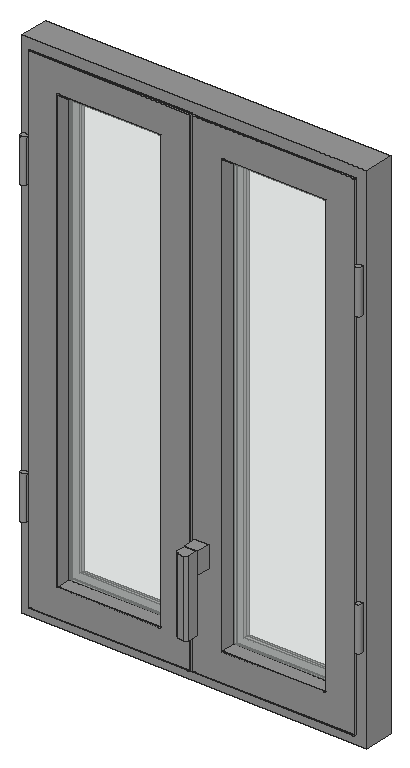
Revit family "2015_Ventana_Alueuropa_Q77_2-Hojas_Practicable-Oscilobatiente", category Windows, host Wall, Revit 2015
Parameters (values of type "800x1200 mm Oscilobatientes")
  𝑙𝑔 P2 = 2092
  𝑙𝑔 P1 = 3910
  𝑈𝑤 = a / Area * 1.00 mm²  # 2.6098
  𝑈𝑔 V2 = 1  # constant formula
  𝑈𝑔 V1 = 1  # constant formula
  𝑈𝑓 P2 = 3.039  # constant formula
  𝑈𝑓 P1 = 2.42  # constant formula
  𝐴𝑔 V2 = 475407
  𝐴𝑔 V1 = 475407
  𝐴𝑓 P2 = 143302
  𝐴𝑓 P1 = 345884
  a = (((1000000 * (((𝐴𝑓 P1 * 𝑈𝑓 P1) + (𝐴𝑓 P2 * 𝑈𝑓 P2)) / (𝐴𝑓 P1 + 𝐴𝑓 P2))) * (10 * (𝐴𝑓 P1 + 𝐴𝑓 P2))) / 10000000) + ((𝐴𝑔 V1 + 𝐴𝑔 V2) * (1 * ((𝐴𝑔 V1 * 𝑈𝑔 V1) + (𝐴𝑔 V2 * 𝑈𝑔 V2)) / (𝐴𝑔 V1 + 𝐴𝑔 V2))) + (((1000.00 mm² * (𝑙𝑔 P1 + 𝑙𝑔 P2)) * ((Y𝑔 P1 * 𝑙𝑔 P1) + (Y𝑔 P2 * 𝑙𝑔 P2)) / (𝑙𝑔 P1 + 𝑙𝑔 P2)) / 10.00 mm²)  # 2505442.058
  Y𝑔 P2 = 0.47  # constant formula
  Y𝑔 P1 = 0.47  # constant formula
  VidaUtilEsperada = ""
  VersionElementoBIM = "1.0"  # constant formula
  UnidadMedicion = ""
  UnidadMantenimiento = ""
  Unidad = ""
  Uniclass2.0Titulo = "Door and window systems"  # constant formula
  Uniclass2.0Codigo = "25-30"  # constant formula
  URLProducto = "http://www.alueuropa.com/wp-content/uploads/2013/06/PERFILES-con-menos-foto-pies-de-pagina-en-franc%C3%A9s-10-3.pdf"
  URL Poliamida - Catálogo = "http://www.technoform.com/fileadmin/Technoform_Bautec/standardprofiles.html"
  URL Poliamida = "http://www.technoform.es/"
  URL = "http://www.alueuropa.com/"
  UNSPSCTitulo = "Windows"  # constant formula
  UNSPSCCodigo = "30171600"  # constant formula
  TransmitanciaTermica = 0.0000 W/(m²·K)
  TrabajoMantenimiento = ""
  TipoEmbalajeProteccion = ""
  TiempoMedioEntreFallos = ""
  TelefonoContacto = "+34 91 8955800"  # constant formula
  SalidaEmergencia = no
  ResistenciaFuego = ""
  ResistenciaAlViento = ""
  ResiduosPeligrososPorUnidad = 0
  ResiduosPeligrosos = 0
  ResiduosNoPeligrososPorUnidad = 0
  ResiduosNoPeligrosos = 0
  ResiduoRadioactivoPorUnidad = 0
  ResiduoRadioactivo = 0
  ResiduoInertePorUnidad = 0
  ResiduoInerte = 0
  RepisaInterior = yes
  RepisaExterior = yes
  ReferenciaUnidadFuncional = ""
  ReferenciaLote = ""
  ReferenciaContacto = "Alueuropa S.A."  # constant formula
  Referencia = ""
  PuntoDeContacto = ""
  Proyección Apertura = yes
  Practicable = yes
  Poliamida = Poliamida, Technoform Bautec, PA66 GF 25
  PermeabilidadAlAire = ""
  PeriodoGarantia = ""
  Perimetro = (Width / 1.00 mm * 2) + (Height / 1.00 mm * 2)  # 4000
  Oscilobatiente = yes
  Operation = "Oscilobatiente"
  OmniclassTitulo = "Casment Window"  # constant formula
  OmniclassCodigo = "23.30.20.17.21.21"  # constant formula
  NumeroSerie = ""
  NumeroArticuloGlobalComercial = ""
  NumeroArticulo = ""
  NormativaMantenimiento = ""
  NivelSeguridad = ""
  Motorizada = no
  Model = "Q77 2 Hojas Oscilobatiente"
  MaterialEnvase = ""
  MaterialContenedor = ""
  MateriaPrima = 0
  MasterformatTitulo = "Aluminium Windows"  # constant formula
  MasterformatCodigo = "08 51 13"  # constant formula
  MasaSuperficialKgm2 = 0
  Marco = Aluminio
  Manija = yes
  LugarEnsamblaje = ""
  InstruccionesEspeciales = ""
  InformacionTecnica = "http://www.alueuropa.com/products/"
  IndiceGlobalRedAcusticaTr = ""
  IndiceGlobalRedAcustica = ""
  IdentificadorGarantia = ""
  IFCClasificacion = ""
  GrosorMarco = 77.00 mm  # constant formula
  GarantiaExtendida = ""
  FrecuenciaMantenimiento = ""
  FraccionAreaAcristalamiento = (𝐴𝑔 V1 + 𝐴𝑔 V2) / (Area / 1.00 mm²)  # 99.0431%
  FormacionFotoquimicaOzonoPorUnidad = 0
  FormacionFotoquimicaOzono = 0
  FechaVencimientoElementoBIM = "24/08/2017"  # constant formula
  FechaInstalacion = ""
  FechaInicioGarantia = ""
  FechaFinGarantia = ""
  FechaEvaluacion = ""
  FechaEmisionElementoBIM = "24/08/2016"  # constant formula
  FechaCompra = ""
  FaseCicloVida = ""
  FaltaDeRecursosPorUnidad = 0
  FaltaDeRecursos = 0
  FactorSombra = 0
  FactorSolarModificado = 3000000
  Manufacturer = "Alueuropa S.A."  # constant formula
  Exclusiones = ""
  EutrofizacionPorUnidad = 0
  Eutrofizacion = 0
  EtiquetaModelo = ""
  EstanqueidadAgua = ""
  Estado = ""
  EnergiaRenovableConsumidaPorUnidad = 0
  EnergiaRenovableConsumida = 0
  EnergiaPrimariaTotalConsumidaPorUnidad = 0
  EnergiaPrimariaTotalConsumida = 0
  EnergiaNoRenovableConsumidaPorUnidad = 0
  EnergiaNoRenovableConsumida = 0
  EmisionCO2 = 0
  EmailContacto = "ventas@alueuropa.com"  # constant formula
  DuracionVidaUtil = ""
  Detalle Perfileria = yes
  DestruccionCapaOzonoEstratosfericaPorUnidad = 0
  DestruccionCapaOzonoEstratosferica = 0
  DesfaseInterior [instance] = 0.00 mm
  DesfaseExterior [instance] = 0.00 mm
  Desfase Acristalamiento = 13.00 mm  # constant formula
  Description = "Ventana 2 Hojas Oscilobatiente"
  DescripcionEvaluacion = ""
  CosteMantenimiento = 0
  CosteEnergeticoMj = 0 J
  CosteEnergeticoKwh = 0
  ControlHumos = no
  ContenidoGarantia = ""
  ConfiguracionPoliamidas = "273800 - 493700 - 493800"  # constant formula
  CondicionesMantenimiento = ""
  CondicionesGeneralesDeContratacion = ""
  CondicionesEvaluacion = ""
  Type Comments = "Sistema de Ventana con Rotura de Puente Térmico Q77 Oscilobatiente."
  CodigoBedec = ""
  CodigoBarras = ""
  CertificadoMantenimiento = ""
  CerramientoExterior = yes
  CambioClimaticoPorUnidad = 0
  CambioClimatico = 0
  COBieCategoria = ""
  Rough Width = Altura Real + 5.00 mm  # 1205.00 mm
  Aperturas Oscilobatiente [instance] = if(and(Aperturas, Oscilobatiente), 1 = 1, 1 = 0)  # yes
  Aperturas [instance] = yes
  Anchura Real = if(Width > Anchura Máxima, Anchura Máxima, Width)  # 800.00 mm
  Anchura Máxima = 5000.00 mm  # constant formula
  Rough Height = Anchura Real + 5.00 mm  # 805.00 mm
  Altura Real = if(Height > Altura Máxima, Altura Máxima, Height)  # 1200.00 mm
  Altura Máxima = 5000.00 mm  # constant formula
  GrosorAcristalamiento = 30.00 mm  # constant formula
  Height = 1200.00 mm
  Bimetica = "http://www.bimetica.com"
  AñoProduccion = ""
  Autor = "Bimetica Parametric Design Services, S.L."  # constant formula
  Area = (Width * Height)  # 960000.00 mm²
  Altura de antepecho por defecto = 800.00 mm
  Wall Closure = By host
  Width = 800.00 mm
  AguaConsumidaPorUnidad = 0
  AguaConsumida = 0
  Acristalamiento = Cristal - Vidrio claro templado
  AcidificacionAtmosfericaPorUnidad = 0
  AcidificacionAtmosferica = 0
  Acabado = ""
Types (3, lengths in mm): name | Oscilobatiente | Operation | Aperturas Oscilobatiente
  (no name) | yes | "Oscilobatiente" | yes
  800x1200 mm Oscilobatientes | yes | "Oscilobatiente" | yes
  800x1200 mm Practicables | no | "Practicable" | no
Reference planes
  plane 1 "Centro (Frontal/Posterior)": y = 444.549
  plane 2 "Centro (Izquierda/Derecha)": x = 0
  plane 3 "Izquierda": x = -400
  plane 4 "Derecha": x = 400
  plane 5 "Antepecho": z = 800
  plane 6 "Extremo inicial": z = 2000
  plane 7 "Exterior": y = 521.549
  plane 8 "Interior": y = 521.549
  plane 9 "Media Altura": z = 1400
  plane 10: x = -68.5
  plane 11: x = 68.5
  plane 12: x = -18.385
Forms (mm)
  Sweep 1, solid, material "Aluminio" <- "Marco"
    path origin (0, 521.549, 0) x (1, 0, 0) y (0, 0, 1)
      loop
        line (400, 800) -> (400, 2000) -> (-400, 2000) -> (-400, 800) -> (400, 800)
    profile origin (400, 521.549, 1400) x (-1, 0, 0) y (0, -1, 0)
      loop
        line (0, 0) -> (49.297, 0) -> (49.297, 3.5) -> (27.4, 3.5) -> (27.4, 70) -> (0, 70) -> (0, 0)
  Extrusion 2, solid, material "Cristal - Vidrio claro templado" <- "Acristalamiento"
    sketch origin (0, 521.549, 0) x (1, 0, 0) y (0, 0, 1)
      loop
        line (-53.5, 1929) -> (-329, 1929) -> (-329, 871) -> (-53.5, 871) -> (-53.5, 1929)
      loop
        line (53.5, 1929) -> (53.5, 871) -> (329, 871) -> (329, 1929) -> (53.5, 1929)
    from 43 to 13
  Extrusion 3, solid, material "Aluminio" <- "Marco", visible <- "Manija", detail levels medium+fine
    sketch origin (0, 0, 800) x (0, -1, 0) y (1, 0, 0)
      loop
        arc (-449.674, -391.378) -> (-437.519, -391.544) -> (-443.549, -380.989) r 7
        line (-443.549, -380.989) -> (-451.549, -380.989) -> (-451.549, -387.989) -> (-449.674, -391.378)
      loop
        line (-449.674, 391.378) -> (-451.549, 387.989) -> (-451.549, 380.989) -> (-443.549, 380.989)
        arc (-443.549, 380.989) -> (-437.519, 391.544) -> (-449.674, 391.378) r 7
    from 200 to 300
  Extrusion 4, solid, material "Aluminio" <- "Marco", detail levels medium+fine
    sketch origin (0, 0, 2000) x (0, -1, 0) y (-1, 0, 0)
      loop
        line (-449.674, 391.378) -> (-451.549, 387.989) -> (-451.549, 380.989) -> (-443.549, 380.989)
        arc (-443.549, 380.989) -> (-437.519, 391.544) -> (-449.674, 391.378) r 7
      loop
        arc (-449.674, -391.378) -> (-437.519, -391.544) -> (-443.549, -380.989) r 7
        line (-443.549, -380.989) -> (-451.549, -380.989) -> (-451.549, -387.989) -> (-449.674, -391.378)
    from 200 to 300
  Extrusion 5, solid, material "Aluminio" <- "Marco", visible <- "Manija", detail levels fine
    sketch origin (0, 0, 800) x (0, -1, 0) y (1, 0, 0)
      loop
        line (-444.549, 8.9) -> (-412.449, 10.582) -> (-412.449, 11.9) -> (-411.446, 11.9) -> (-411.446, 37.832) -> (-412.449, 37.832) -> (-412.449, 39.15) -> (-444.549, 40.9) -> (-444.549, 8.9)
    from 250 to 300
  Extrusion 6, solid, material "Aluminio" <- "Marco", visible <- "Manija", detail levels fine
    sketch origin (0, 0, 800) x (0, -1, 0) y (1, 0, 0)
      loop
        line (-411.446, 39.165) -> (-411.446, 10.705) -> (-388.796, 10.705) -> (-382.327, 17.173) -> (-382.327, 32.697) -> (-388.796, 39.165) -> (-411.446, 39.165)
    from 125 to 300
  Extrusion 7, solid, material "Aluminio" <- "Marco"
    sketch origin (0, 0, 800) x (0, -1, 0) y (1, 0, 0)
      loop
        line (-521.549, -30.915) -> (-516.719, -30.915) -> (-516.719, -13.299) -> (-476.479, -13.299) -> (-476.479, -20.442) -> (-469.305, -20.442) -> (-448.049, -20.442) -> (-448.049, -2.96) -> (-451.549, -2.96) -> (-451.549, 20.5) -> (-473.506, 20.5) -> (-473.506, 28.864) -> (-515.092, 28.864) -> (-515.092, 27.098) -> (-516.719, 27.098) -> (-516.719, 30.92) -> (-521.549, 30.92) -> (-521.549, -30.915)
    from 1150.703 to 49.297
  Sweep 8, solid, material "Aluminio" <- "Marco"
    path origin (0, 521.549, 0) x (1, 0, 0) y (0, 0, 1)
      loop
        line (-400, 800) -> (18.385, 800) -> (18.385, 2000) -> (-400, 2000) -> (-400, 800)
    profile origin (-400, 521.549, 1400) x (-1, 0, 0) y (0, -1, 0)
      loop
        line (-54.245, 0) -> (-54.245, 5.8) -> (-50.528, 5.8) -> (-49.417, 4.8) -> (-45.424, 4.8) -> (-45.424, 6.346) -> (-47.145, 6.346) -> (-47.145, 48.1) -> (-38.845, 48.1) -> (-38.845, 73.5) -> (-21.345, 73.5) -> (-21.345, 76)
        arc (-21.345, 76) -> (-21.637, 76.706) -> (-22.343, 77) r 1
        line (-22.343, 77) -> (-88.545, 77)
        arc (-88.545, 77) -> (-88.898, 76.853) -> (-89.045, 76.5) r 0.5
        line (-89.045, 76.5) -> (-89.045, 43.5)
        arc (-89.045, 43.5) -> (-88.898, 43.147) -> (-88.582, 43) r 0.5
        line (-88.582, 43) -> (-86.548, 43) -> (-86.548, 60.6) -> (-67.124, 60.6) -> (-67.124, 55.89) -> (-62.045, 55.89) -> (-62.045, 8.218) -> (-73.866, 8.218) -> (-73.866, 13) -> (-89.045, 13) -> (-89.045, 6) -> (-88.731, 0) -> (-54.245, 0)
  Sweep 9, solid, material "Aluminio" <- "Marco"
    path origin (0, 521.549, 0) x (1, 0, 0) y (0, 0, 1)
      loop
        line (400, 800) -> (400, 2000) -> (-18.385, 2000) -> (-18.385, 800) -> (400, 800)
    profile origin (400, 521.549, 1400) x (-1, 0, 0) y (0, -1, 0)
      loop
        line (54.372, 0) -> (88.858, 0) -> (89.172, 6) -> (89.172, 13) -> (73.993, 13) -> (73.993, 8.218) -> (62.172, 8.218) -> (62.172, 55.89) -> (67.251, 55.89) -> (67.251, 60.6) -> (86.675, 60.6) -> (86.675, 43) -> (88.709, 43)
        arc (88.709, 43) -> (89.025, 43.147) -> (89.172, 43.5) r 0.5
        line (89.172, 43.5) -> (89.172, 76.5)
        arc (89.172, 76.5) -> (89.025, 76.853) -> (88.672, 77) r 0.5
        line (88.672, 77) -> (22.47, 77)
        arc (22.47, 77) -> (21.764, 76.706) -> (21.472, 76) r 1
        line (21.472, 76) -> (21.472, 73.5) -> (38.972, 73.5) -> (38.972, 48.1) -> (47.272, 48.1) -> (47.272, 6.346) -> (45.551, 6.346) -> (45.551, 4.8) -> (49.544, 4.8) -> (50.655, 5.8) -> (54.372, 5.8) -> (54.372, 0)
Cuts and joins
  joined: Sweep 1, Extrusion 7
Lines and regions (mm)
  Opening 1
    outline origin (-5187.24, 321.549, 0) x (1, 0, 0) y (0, 0, 1)
      loop
        line (5587.24, 800) -> (5587.24, 2000) -> (4787.24, 2000) -> (4787.24, 800) -> (5587.24, 800)
  reference lines
    curve 1: line (0, 521.549, 800) -> (0, 444.549, 800)
  symbolic lines, style "Batiente de alzado", visible <- "Aperturas"
    curve 2: line (-350, 521.549, 1950) -> (350, 521.549, 850)
    curve 3: line (350, 521.549, 1950) -> (-350, 521.549, 850)
  symbolic lines, style "Batiente de alzado", visible <- "Aperturas Oscilobatiente"
    curve 4: line (-30.915, 521.549, 850) -> (-209.193, 521.549, 1950)
    curve 5: line (-209.193, 521.549, 1950) -> (-350, 521.549, 850)
  symbolic lines, style "WindowsGlassProjection", detail levels fine
    curve 6: line (-329, 502.549, 1300) -> (-53.5, 502.549, 1300)
    curve 7: line (-329, 484.549, 1300) -> (-53.5, 484.549, 1300)
    curve 8: line (53.5, 502.549, 1300) -> (329, 502.549, 1300)
    curve 9: line (53.5, 484.549, 1300) -> (329, 484.549, 1300)
Text (mm)
  text "EXTERIOR" at (-1963.203, 1332.353, 0), in view "Nivel de referencia"
  text "INTERIOR" at (-1981.466, -818.386, 0), in view "Nivel de referencia"
  text "Exterior" at (0, 923.751, 2943.296), in view "Derecha"
  text "Exterior" at (0, 1040.484, 2685.409), in view "Izquierda"
Dimensions and locks
  equal spacing: plane 3 "Izquierda", plane 2 "Centro (Izquierda/Derecha)", plane 4 "Derecha"
  "Width": plane 3 "Izquierda" to plane 4 "Derecha"
  "Height": plane 5 "Antepecho" to plane 6 "Extremo inicial"
  "Altura de antepecho por defecto": plane 5 "Antepecho" to level
  "DesfaseExterior": host wall to plane 7 "Exterior"
  "DesfaseInterior": plane 8 "Interior" to plane 7 "Exterior"
  "GrosorMarco": plane 1 "Centro (Frontal/Posterior)" to plane 8 "Interior"
  "GrosorAcristalamiento": Extrusion 2 to Extrusion 2
  "Desfase Acristalamiento": plane 8 "Interior" to Extrusion 2
  Extrusion 3 sketch curve to plane 1 "Centro (Frontal/Posterior)" to Extrusion 3 sketch curve = 1.00 mm locked, 7.00 mm locked  (x2)
  plane 3 "Izquierda" to Extrusion 3 sketch curve to Extrusion 3 sketch curve = 12.011 mm locked, 7.00 mm locked
  Extrusion 4 sketch curve to plane 1 "Centro (Frontal/Posterior)" to Extrusion 4 sketch curve = 1.00 mm locked, 7.00 mm locked  (x2)
  plane 3 "Izquierda" to Extrusion 4 sketch curve to Extrusion 4 sketch curve = 12.011 mm locked, 7.00 mm locked
  equal spacing: plane 5 "Antepecho", plane 9 "Media Altura", plane 6 "Extremo inicial"
  equal spacing: Extrusion 2, curve 6, curve 7
  plane 2 "Centro (Izquierda/Derecha)" to Extrusion 5 sketch curve to Extrusion 5 sketch curve to Extrusion 5 sketch curve to Extrusion 5 sketch curve to Extrusion 5 sketch curve to Extrusion 5 sketch curve = 8.90 mm locked, 1.682 mm locked, 1.318 mm locked, 25.932 mm locked, 1.318 mm locked, 1.75 mm locked
  Extrusion 5 sketch curve to Extrusion 5 sketch curve to plane 1 "Centro (Frontal/Posterior)" = 1.003 mm locked, 32.10 mm locked
  plane 2 "Centro (Izquierda/Derecha)" to Extrusion 6 sketch curve to Extrusion 6 sketch curve to Extrusion 6 sketch curve to Extrusion 6 sketch curve = 10.705 mm locked, 6.468 mm locked, 15.524 mm locked, 6.468 mm locked
  Extrusion 6 sketch curve to Extrusion 6 sketch curve to Extrusion 6 sketch curve to Extrusion 6 sketch curve to plane 1 "Centro (Frontal/Posterior)" = 6.468 mm locked, 0.00 mm locked, 22.65 mm locked, 33.102 mm locked
  equal spacing: plane 10, plane 2 "Centro (Izquierda/Derecha)", plane 11
  locked: plane 10 to plane 11 at 137
  locked: Extrusion 2 sketch curve to plane 6 "Extremo inicial" at 71
  locked: plane 5 "Antepecho" to Extrusion 2 sketch curve at 71
  locked: plane 3 "Izquierda" to Extrusion 2 sketch curve at 71
  locked: Extrusion 2 sketch curve to plane 4 "Derecha" at 71
  locked: Extrusion 2 sketch curve to plane 11 at 15
  locked: Extrusion 2 sketch curve to plane 10 at 15
  Extrusion 4 sketch curve to Extrusion 4 sketch curve to plane 4 "Derecha" = 7.00 mm locked, 12.011 mm locked
  Extrusion 3 sketch curve to Extrusion 3 sketch curve to plane 4 "Derecha" = 7.00 mm locked, 12.011 mm locked
  locked: Sweep 1 sketch curve to plane 8 "Interior" at 3.5
  locked: plane 1 "Centro (Frontal/Posterior)" to Sweep 1 sketch curve at 7
  Sweep 1 sketch curve to Sweep 1 sketch curve to plane 4 "Derecha" = 21.897 mm locked, 27.40 mm locked
  locked: plane 2 "Centro (Izquierda/Derecha)" to Sweep 8 sketch curve at 18.385
  "Desfase Acristalamiento": Sweep 8 sketch curve to plane 8 "Interior"
  "GrosorAcristalamiento": Sweep 8 sketch curve to Sweep 8 sketch curve
  plane 1 "Centro (Frontal/Posterior)" to Sweep 8 sketch curve to Sweep 8 sketch curve = 3.50 mm locked, 25.40 mm locked
  plane 1 "Centro (Frontal/Posterior)" to Sweep 8 sketch curve to Sweep 8 sketch curve = 16.40 mm locked, 4.71 mm locked
  Sweep 8 sketch curve to Sweep 8 sketch curve to Sweep 8 sketch curve to Sweep 8 sketch curve to plane 8 "Interior" = 1.872 mm locked, 0.546 mm locked, 1.00 mm locked, 4.80 mm locked
  plane 3 "Izquierda" to Sweep 8 sketch curve to Sweep 8 sketch curve to Sweep 8 sketch curve to Sweep 8 sketch curve to Sweep 8 sketch curve to Sweep 8 sketch curve to Sweep 8 sketch curve = 21.345 mm locked, 17.50 mm locked, 6.579 mm locked, 1.721 mm locked, 2.272 mm locked, 1.111 mm locked, 3.718 mm locked
  plane 3 "Izquierda" to Sweep 8 sketch curve to Sweep 8 sketch curve to Sweep 8 sketch curve to Sweep 8 sketch curve = 62.045 mm locked, 11.821 mm locked, 14.865 mm locked, 0.314 mm locked
  locked: Sweep 9 sketch curve to plane 2 "Centro (Izquierda/Derecha)" at 18.385
  "Desfase Acristalamiento": Sweep 9 sketch curve to plane 8 "Interior"
  "GrosorAcristalamiento": Sweep 9 sketch curve to Sweep 9 sketch curve
  plane 1 "Centro (Frontal/Posterior)" to Sweep 9 sketch curve to Sweep 9 sketch curve = 16.40 mm locked, 4.71 mm locked
  plane 1 "Centro (Frontal/Posterior)" to Sweep 9 sketch curve to Sweep 9 sketch curve = 3.50 mm locked, 25.40 mm locked
  Sweep 9 sketch curve to Sweep 9 sketch curve to Sweep 9 sketch curve to profile plane = 0.546 mm locked, 1.00 mm locked, 4.80 mm locked
  locked: Sweep 9 sketch curve to plane 8 "Interior" at 8.218
  Sweep 9 sketch curve to Sweep 9 sketch curve to Sweep 9 sketch curve to Sweep 9 sketch curve to profile plane = 0.314 mm locked, 34.486 mm locked, 8.821 mm locked, 45.551 mm locked
  Sweep 9 sketch curve to Sweep 9 sketch curve to Sweep 9 sketch curve to plane 4 "Derecha" = 8.30 mm locked, 17.50 mm locked, 21.472 mm locked
  Sweep 9 sketch curve to Sweep 9 sketch curve to Sweep 9 sketch curve to Sweep 9 sketch curve to plane 4 "Derecha" = 2.497 mm locked, 19.425 mm locked, 5.078 mm locked, 62.172 mm locked
  locked: plane 2 "Centro (Izquierda/Derecha)" to nested 3 at 70.7
  locked: Extrusion 2 to curve 6 at 6
  locked: Extrusion 2 to curve 7 at 6
  locked: Extrusion 2 to curve 9 at 6
  locked: Extrusion 2 to curve 8 at 6
  Extrusion 7 sketch curve to Extrusion 7 sketch curve to Extrusion 7 sketch curve to plane 8 "Interior" = 28.43 mm locked, 40.24 mm locked, 4.83 mm locked
  Extrusion 7 sketch curve to Extrusion 7 sketch curve to Extrusion 7 sketch curve to plane 8 "Interior" = 21.958 mm locked, 41.586 mm locked, 6.456 mm locked
  Extrusion 7 sketch curve to plane 2 "Centro (Izquierda/Derecha)" to Extrusion 7 sketch curve = 30.915 mm locked, 30.92 mm locked
  Extrusion 7 sketch curve to plane 2 "Centro (Izquierda/Derecha)" to Sweep 9 = 13.299 mm, 28.887 mm
  Sweep 8 to plane 2 "Centro (Izquierda/Derecha)" to Sweep 9 = 20.46 mm locked, 20.587 mm locked
  locked: Extrusion 7 sketch curve to plane 2 "Centro (Izquierda/Derecha)" at 2.96
  equal spacing: plane 3 "Izquierda", curve 5, plane 12
  locked: plane 6 "Extremo inicial" to curve 5 at 50
  curve 2 to curve 5 to plane 5 "Antepecho" = 0.00 mm locked, 50.00 mm locked
  plane 6 "Extremo inicial" to curve 3 to curve 2 = 50.00 mm locked, 0.00 mm locked
  curve 3 to curve 2 to plane 4 "Derecha" = 0.00 mm locked, 50.00 mm locked
  plane 3 "Izquierda" to curve 5 to curve 2 = 50.00 mm locked, 0.00 mm locked
  aligned and locked: plane 6 "Extremo inicial" to Opening 1 sketch curve
  aligned and locked: Opening 1 sketch curve to plane 5 "Antepecho"
  aligned and locked: plane 4 "Derecha" to Opening 1 sketch curve
  aligned and locked: Opening 1 sketch curve to plane 3 "Izquierda"
  aligned and locked: plane 6 "Extremo inicial" to Sweep 1 sketch curve
  aligned and locked: Sweep 1 sketch curve to plane 5 "Antepecho"
  aligned and locked: Sweep 1 sketch curve to plane 3 "Izquierda"
  aligned and locked: plane 4 "Derecha" to Sweep 1 sketch curve
  aligned and locked: plane 2 "Centro (Izquierda/Derecha)" to curve 1
  aligned and locked: plane 1 "Centro (Frontal/Posterior)" to curve 1
  aligned and locked: plane 8 "Interior" to curve 1
  aligned and locked: Extrusion 5 sketch curve to plane 1 "Centro (Frontal/Posterior)"
  aligned and locked: Extrusion 5 sketch curve to Extrusion 5 sketch curve
  aligned and locked: Extrusion 2 sketch curve to Extrusion 2 sketch curve  (x2)
  aligned and locked: Extrusion 2 to curve 8  (x2)
  aligned and locked: Extrusion 2 to curve 9  (x2)
  aligned and locked: Extrusion 2 to curve 6  (x2)
  aligned and locked: Extrusion 2 to curve 7  (x2)
  aligned and locked: Extrusion 7 sketch curve to plane 8 "Interior"
  aligned and locked: nested 1 to plane 3 "Izquierda"
  aligned and locked: plane 1 "Centro (Frontal/Posterior)" to nested 1
  aligned and locked: nested 2 to plane 1 "Centro (Frontal/Posterior)"
  aligned and locked: nested 2 to plane 4 "Derecha"
  aligned and locked: Sweep 1 sketch curve to plane 4 "Derecha"
  aligned and locked: plane 8 "Interior" to Sweep 8 sketch curve
  aligned and locked: Sweep 9 sketch curve to plane 6 "Extremo inicial"
  aligned and locked: Sweep 9 sketch curve to plane 4 "Derecha"
  aligned and locked: plane 5 "Antepecho" to Sweep 9 sketch curve
  aligned and locked: Sweep 9 sketch curve to plane 8 "Interior"
  aligned and locked: Sweep 9 sketch curve to plane 1 "Centro (Frontal/Posterior)"
  aligned and locked: Extrusion 5 to plane 1 "Centro (Frontal/Posterior)"
  aligned and locked: cut or joined group of Sweep 1, Extrusion 7 to plane 8 "Interior"
  aligned and locked: plane 8 "Interior" to nested 3
  aligned and locked: nested 3 to plane 1 "Centro (Frontal/Posterior)"
  aligned and locked: nested 4 to plane 1 "Centro (Frontal/Posterior)"
  aligned and locked: nested 5 to plane 5 "Antepecho"
  aligned and locked: plane 1 "Centro (Frontal/Posterior)" to nested 5
  aligned and locked: Extrusion 7 sketch curve to Extrusion 7 sketch curve
  aligned and locked: cut or joined group of Sweep 1, Extrusion 7 to cut or joined group of Sweep 1, Extrusion 7  (x2)
  aligned and locked: nested 4 to plane 6 "Extremo inicial"
Automatic sketch dimensions
  Extrusion 4 sketch curve to Extrusion 4 sketch curve = 1.875 mm  (x2)
  Extrusion 4 sketch curve to Extrusion 4 sketch curve = 3.389 mm  (x2)
  Extrusion 3 sketch curve to Extrusion 3 sketch curve = 1.875 mm  (x2)
  Extrusion 3 sketch curve to Extrusion 3 sketch curve = 3.389 mm
  Extrusion 3 sketch curve to Extrusion 3 sketch curve = 7.00 mm
  curve 4 to plane 5 "Antepecho" = 50.00 mm
  plane 8 "Interior" to Sweep 1 sketch curve = 0.00 mm
  plane 3 "Izquierda" to Sweep 8 sketch curve = 0.00 mm
  Sweep 8 sketch curve to plane 5 "Antepecho" = 0.00 mm
  Sweep 8 sketch curve to plane 6 "Extremo inicial" = 0.00 mm
  curve 4 to plane 12 = 12.529 mm
  Extrusion 7 sketch curve to plane 12 = 2.056 mm
  Extrusion 7 sketch curve to Extrusion 7 sketch curve = 7.174 mm
  Extrusion 7 sketch curve to plane 2 "Centro (Izquierda/Derecha)" = 20.50 mm
  Extrusion 7 sketch curve to Extrusion 7 sketch curve = 8.364 mm
  Extrusion 7 sketch curve to Extrusion 7 sketch curve = 3.822 mm
  Sweep 8 sketch curve to Sweep 8 sketch curve = 27.00 mm
  Sweep 8 sketch curve to Sweep 8 sketch curve = 0.50 mm  (x3)
  Sweep 8 sketch curve to Sweep 8 sketch curve = 1.997 mm
  Sweep 8 sketch curve to Sweep 8 sketch curve = 5.078 mm
  Sweep 8 sketch curve to Sweep 8 sketch curve = 1.00 mm
  Sweep 8 sketch curve to Sweep 8 sketch curve = 0.002 mm
  plane 8 "Interior" to Sweep 8 sketch curve = 6.00 mm
  Sweep 8 sketch curve to Sweep 8 sketch curve = 2.50 mm
  Sweep 8 sketch curve to Sweep 8 sketch curve = 0.037 mm  (x2)
  Sweep 9 sketch curve to Sweep 9 sketch curve = 0.998 mm
  Sweep 9 sketch curve to Sweep 9 sketch curve = 1.00 mm
  Sweep 9 sketch curve to Sweep 9 sketch curve = 2.272 mm
  Sweep 9 sketch curve to Sweep 9 sketch curve = 1.111 mm
  Sweep 9 sketch curve to Sweep 9 sketch curve = 11.821 mm
  Sweep 9 sketch curve to Sweep 9 sketch curve = 0.50 mm  (x3)
  plane 8 "Interior" to Sweep 9 sketch curve = 6.00 mm
  Sweep 9 sketch curve to Sweep 9 sketch curve = 0.00 mm
  Sweep 9 sketch curve to Sweep 9 sketch curve = 0.037 mm
Nested families
  nested 1: "Q77_Detalle-Carpintería-Marco y Hoja Practicable" at (-400, 444.549, 800), visible <- "Detalle Perfileria", type "Marco y Hoja Practicable", detail levels medium+fine
  nested 2: "Q77_Detalle-Carpintería-Marco y Hoja Practicable" at (400, 444.549, 800) x (-1, 0, 0) z (0, 0, 1), visible <- "Detalle Perfileria", type "Marco y Hoja Practicable", detail levels medium+fine
  nested 3: "Q77_Detalle-Carpintería-Montante Central 2H Practicables" at (-0.677, 444.549, 1300) x (1, 0, 0) z (0, 0, -1), visible <- "Detalle Perfileria", type "Marco y Hoja Practicable", detail levels medium+fine
  nested 4: "Q77_Detalle-Carpintería-Marco y Hoja Practicable" at (-400, 444.549, 2000) x (0, 0, -1) z (-1, 0, 0), visible <- "Detalle Perfileria", type "Marco y Hoja Practicable", detail levels medium+fine
  nested 5: "Q77_Detalle-Carpintería-Marco y Hoja Practicable" at (-400, 444.549, 800) x (0, 0, 1) z (-1, 0, 0), visible <- "Detalle Perfileria", type "Marco y Hoja Practicable", detail levels medium+fine
Definition of nested family "Q77_Detalle-Carpintería-Marco y Hoja Practicable"
  Parameters (values of type "Marco y Hoja Practicable")
    URL = "http://www.alueuropa.com/"
    Model = "Q77"  # constant formula
    Marco y Hoja Practicable = yes
    FechaVencimientoElementoBIM = "01/01/2017"  # constant formula
    FechaEmisionElementoBIM = "23/08/2016"  # constant formula
    Manufacturer = "Alueuropa S.A."  # constant formula
    Description = "Detalle carpintería Q77_Marco y Hoja Practicable"
    Bimetica = "http://www.bimetica.com"
    Autor = "Bimetica Parametric Design Services, S.L."  # constant formula
  Reference planes
    plane 1 "Centro (Frontal/Posterior)": y = 0
    plane 2: z = 0
    plane 3 "Centro (Izquierda/Derecha)": x = 0
  Lines and regions (mm)
    Masking region 1, in view "Nivel de referencia", visible <- "Marco y Hoja Practicable"
      outline origin (0, 0, 0) x (1, 0, 0) y (0, 1, 0)
        loop
          line (0, 7) -> (21.4, 7) -> (21.4, 1)
          arc (21.4, 1) -> (21.692, 0.294) -> (22.398, 0) r 1
          line (22.398, 0) -> (88.599, 0)
          arc (88.599, 0) -> (88.953, 0.146) -> (89.1, 0.5) r 0.5
          line (89.1, 0.5) -> (89.1, 30.4) -> (86.639, 30.4) -> (86.639, 21.11) -> (62.1, 21.11) -> (62.1, 65.744) -> (89.104, 65.744) -> (89.104, 70.932) -> (88.785, 77) -> (54.3, 77) -> (54.3, 71.2) -> (50.606, 71.2) -> (49.3, 72.376) -> (49.3, 76.5)
          arc (49.3, 76.5) -> (49.154, 76.854) -> (48.8, 77) r 0.5
          line (48.8, 77) -> (0, 77) -> (0, 7)
  Dimensions and locks
    locked: plane 1 "Centro (Frontal/Posterior)" to Masking region 1 sketch curve at 7
    aligned and locked: plane 3 "Centro (Izquierda/Derecha)" to import instance
    aligned and locked: plane 1 "Centro (Frontal/Posterior)" to import instance
Definition of nested family "Q77_Detalle-Carpintería-Montante Central 2H Practicables"
  Parameters (values of type "Marco y Hoja Practicable")
    URL = "http://www.alueuropa.com/"
    Model = "Q77"  # constant formula
    Marco y Hoja Practicable = yes
    FechaVencimientoElementoBIM = "01/01/2017"  # constant formula
    FechaEmisionElementoBIM = "23/08/2016"  # constant formula
    Manufacturer = "Alueuropa S.A."  # constant formula
    Description = "Detalle carpintería Q77_Marco y Hoja Practicable"
    Bimetica = "http://www.bimetica.com"
    Autor = "Bimetica Parametric Design Services, S.L."  # constant formula
  Reference planes
    plane 1 "Centro (Frontal/Posterior)": y = 0
    plane 2: z = 0
    plane 3 "Centro (Izquierda/Derecha)": x = 0
  Lines and regions (mm)
    Masking region 1, in view "Nivel de referencia", visible <- "Marco y Hoja Practicable"
      outline origin (0, 0, 0) x (1, 0, 0) y (0, 1, 0)
        loop
          line (0, 7) -> (3.72, 7) -> (3.72, 1)
          arc (3.72, 1) -> (4.012, 0.294) -> (4.718, 0) r 1
          line (4.718, 0) -> (70.786, 0)
          arc (70.786, 0) -> (71.14, 0.146) -> (71.287, 0.5) r 0.5
          line (71.287, 0.5) -> (71.287, 30.4) -> (68.826, 30.4) -> (68.826, 21.11) -> (44.287, 21.11) -> (44.287, 65.744) -> (71.291, 65.744) -> (71.291, 70.932) -> (70.973, 77) -> (36.487, 77) -> (36.487, 71.2) -> (32.794, 71.2) -> (31.488, 72.376) -> (31.488, 76.5)
          arc (31.488, 76.5) -> (31.341, 76.854) -> (30.988, 77) r 0.5
          line (30.988, 77) -> (-29.738, 77)
          arc (-29.738, 77) -> (-30.091, 76.854) -> (-30.238, 76.5) r 0.5
          line (-30.238, 76.5) -> (-30.238, 72.376) -> (-31.544, 71.2) -> (-35.237, 71.2) -> (-35.237, 77) -> (-69.723, 77) -> (-70.041, 70.932) -> (-70.041, 65.744) -> (-43.037, 65.744) -> (-43.037, 21.11) -> (-67.576, 21.11) -> (-67.576, 30.4) -> (-70.037, 30.4) -> (-70.037, 0.5)
          arc (-70.037, 0.5) -> (-69.89, 0.146) -> (-69.536, 0) r 0.5
          line (-69.536, 0) -> (-3.335, 0)
          arc (-3.335, 0) -> (-2.63, 0.294) -> (-2.337, 1) r 1
          line (-2.337, 1) -> (-2.337, 7) -> (0, 7)
  Dimensions and locks
    aligned and locked: import instance to plane 1 "Centro (Frontal/Posterior)"
